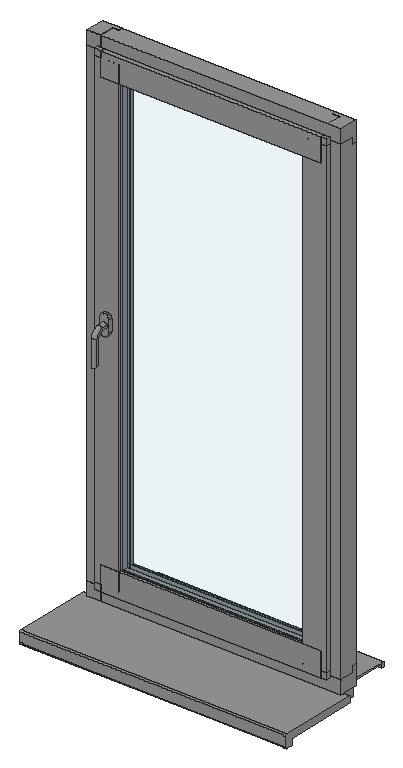
Revit family "deceuninck_okonniy_blok_odnostvorchatiy", category Окна, Revit 2016
Family settings
  Основа = Стена
  Номер OmniClass = 23.30.20.00
  Заголовок OmniClass = Windows
  Всегда вертикально = Да
  При загрузке вырезать с полостями = Нет
  Общий = Нет
  Точка расчета площади = Нет
Parameters (values of type "Энвин ЭКО-60")
  Ширина профиля = 60 mm
  Ширина проема [instance] = ADSK_Ширина рамы + Монтажный зазор.Левый + Монтажный зазор.Правый  # 840 mm
  Четверть.Ширина [instance] = 65 mm
  Четверть.Правая [instance] = if(and(Четверть правая.Видимость, Четверть), Четверть.Ширина, 0 mm)  # 65 mm
  Четверть.Левая [instance] = if(and(Четверть левая.Видимость, Четверть), Четверть.Ширина, 0 mm)  # 65 mm
  Четверть.Глубина [instance] = 120 mm
  Четверть.Высота [instance] = 65 mm
  Четверть правая.Видимость [instance] = yes
  Четверть левая.Видимость [instance] = yes
  Четверть.Врхняя [instance] = if(Четверть, Четверть.Высота, 0 mm)  # 65 mm
  Четверть [instance] = yes
  Цвет профиля = ""
  Формула стеклопакета = ""
  Толщина стеклопакета = "32"
  Рама.Окно.Ширина [instance] = 800 mm
  Рама.Окно.Высота [instance] = 1600 mm
  Проем.Окно.Ширина [instance] = 840 mm
  Проем.Окно.Высота [instance] = 1655 mm
  Приточный клапан [instance] = yes
  Класс профиля = "Тип В"
  Стеклопакет.Толщина = 32 mm
  Створка [instance] = stvorka : Поворотная право
  Система фурнитуры [instance] = ""
  Профильная система = "Энвин ЭКО 60"
  Watermarked By = ""
  Rough Width = 0 mm  # constant formula
  Rough Height = 0 mm  # constant formula
  Подоконник.Глубина [instance] = 0 mm
  Подоконник. Видимость [instance] = yes
  Подоконник [instance] = podokonnik : ПВХ 250
  Площаль элемента [instance] = ADSK_Ширина рамы * ADSK_Высота рамы / 1000000 mm  # 1.28 mm
  Отлив.Свес [instance] = 35 mm
  Отлив.Видимость [instance] = yes
  Откосы.Глубина [instance] = 310 mm
  Огнестойкость = "Е-15"
  Наименование = "Окно 1-створчатое Энвин ЭКО-60"
  Монтажный зазор.Спереди [instance] = 10 mm
  Монтажный зазор.Правый [instance] = if(Четверть правая.Видимость, Монтажный зазор.Боковой, 0 mm)  # 20 mm
  Монтажный зазор.Низ [instance] = 10 mm
  Монтажный зазор.Левый [instance] = if(Четверть левая.Видимость, Монтажный зазор.Боковой, 0 mm)  # 20 mm
  Монтажный зазор.Верх [instance] = 20 mm
  Монтажный зазор.Боковой = 20 mm
  Материал-Стеклопакет = none
  Материал-Рама = none
  Материал-Подоконник = ПВХ, белый
  Материал-Отлив = Лист оцинкованый, белый
  Завод-изготовитель [instance] = "ООО Декёнинк Рус, Россия"  # constant formula
  ГОСТ = "ГОСТ 30673-2013"
  Высота створки [instance] = ADSK_Высота рамы - 43 mm * 2  # 1514 mm
  Высота профиля створки = 76 mm
  Высота профиля рамы = 62 mm
  Высота профиля имоста = 82 mm
  Высота проема [instance] = ADSK_Высота рамы + 25 mm + Монтажный зазор.Верх + Монтажный зазор.Низ  # 1655 mm
  Height = 0 mm  # constant formula
  Высота подоконника по умолчанию = 800 mm
  Замыкание стены = По основе
  Width = 0 mm  # constant formula
  Артикул створки/армирование рстворки = "ZE 60D  /  AR1"
  Артикул рамы/армирование рамы = "LE 60D  /  AR1"
  Артикул импоста/армирование импоста = "TE 60D  /  20 x 35"
  Аналитическая конструкция = "<Нет>"
  λ краевой зоны стеклопакета = 0.0600 (m²·K)/W
  Rстеклопакета = 0.7600 (m²·K)/W
  Rпрофиля = 0.6800 (m²·K)/W
  Rпривед [instance] = 1 / (((Ширина профиля / 1000 mm) * (5.4 - 4 * (Ширина профиля / 1000 mm)) / (1.8 * Rпрофиля / Rед)) + ((1.2 - 2 * (Ширина профиля / 1000 mm)) * (1.5 - 2 * (Ширина профиля / 1000 mm)) / (1.8 * Rстеклопакета / Rед)) + (5.4 - 8 * (Ширина профиля / 1000 mm)) * (λ краевой зоны стеклопакета / Rед))  # 0.61064
  Rед = 1.0000 (m²·K)/W
  ADSK_Ширина рамы [instance] = 800 mm
  ADSK_Позиция [instance] = ""
  ADSK_Высота рамы [instance] = 1600 mm
Reference planes
  plane 1 "По центру (Вперед/Назад)": y = 0
  plane 2 "По центру (Влево/Вправо)": x = 0
  plane 3 "Подоконник": z = 800
  plane 4 "Наружный": y = 250
  plane 5 "Внутренние": y = -250
  plane 6: x = -420
  plane 7: x = 420
  plane 8: x = -355
  plane 9: x = 355
  plane 10: y = 130
  plane 11: z = 2400
  plane 12: x = -400
  plane 13: x = 400
  plane 14: z = 775
  plane 15: z = 2420
  plane 16: z = 765
  plane 17: z = 2355
  plane 18: y = 120
  plane 19: y = 60
  plane 20: x = -338
  plane 21: x = 338
  plane 22: z = 2338
  plane 23: z = 862
  plane 24: y = 107
  plane 25: x = 679.372
  plane 26: y = 70
  plane 27: y = 450
Forms (mm)
  Extrusion 1, void
    sketch origin (0, -250, 0) x (1, 0, 0) y (0, 0, 1)
      loop
        line (-420, 2420) -> (-420, 765) -> (420, 765) -> (420, 2420) -> (-420, 2420)
    from 0 to -380
  Extrusion 2, void
    sketch origin (-2200.521, 130, 1000) x (1, 0, 0) y (0, 0, 1)
      loop
        line (1845.521, 1355) -> (1845.521, -235) -> (2555.521, -235) -> (2555.521, 1355) -> (1845.521, 1355)
    from 0 to -320
  Extrusion 3, solid, material <- "Материал-Рама", detail levels fine
    sketch origin (0, 0, 800) x (0, -1, 0) y (-1, 0, 0)
      loop
        line (-120, 400) -> (-120, 338) -> (-107, 338) -> (-107, 358) -> (-60, 358) -> (-60, 400) -> (-120, 400)
      loop
        line (-120, -338) -> (-120, -400) -> (-60, -400) -> (-60, -358) -> (-107, -358) -> (-107, -338) -> (-120, -338)
    from 0 to -1600
  Extrusion 4, solid, material <- "Материал-Рама", detail levels fine
    sketch origin (-750, 0, 0) x (0, -1, 0) y (0, 0, 1)
      loop
        line (-60, 800) -> (-60, 842) -> (-107, 842) -> (-107, 862) -> (-120, 862) -> (-120, 800) -> (-60, 800)
      loop
        line (-60, 2358) -> (-60, 2400) -> (-120, 2400) -> (-120, 2338) -> (-107, 2338) -> (-107, 2358) -> (-60, 2358)
    from -350 to -1150
  Extrusion 5, solid, material <- "Материал-Рама"
    sketch origin (-233.865, 107, 2257) x (0, 0, 1) y (-1, 0, 0)
      loop
        line (-1457, 166.135) -> (-1482, 166.135) -> (-1482, -633.865) -> (-1457, -633.865) -> (-1457, 166.135)
    from 0 to 37
  Extrusion 6, solid, material "Лист оцинкованый, белый" <- "Материал-Отлив", visible <- "Отлив.Видимость", detail levels fine
    sketch origin (355, 531.754, 1000) x (0, 1, 0) y (0, 0, 1)
      loop
        line (-424.754, -225) -> (-251.754, -225) -> (-251.754, -235) -> (-246.754, -235) -> (-246.754, -220) -> (-424.754, -215) -> (-424.754, -225)
    from 0 to -710
  Extrusion 7, solid, detail levels medium
    sketch origin (0, 0, 800) x (0, -1, 0) y (-1, 0, 0)
      loop
        line (-120, 400) -> (-120, 338) -> (-60, 338) -> (-60, 400) -> (-120, 400)
      loop
        line (-120, -400) -> (-60, -400) -> (-60, -338) -> (-120, -338) -> (-120, -400)
    from 0 to -1600
  Extrusion 8, solid, detail levels medium
    sketch origin (-750, 0, 0) x (0, -1, 0) y (0, 0, 1)
      loop
        line (-120, 2400) -> (-120, 2338) -> (-60, 2338) -> (-60, 2400) -> (-120, 2400)
      loop
        line (-60, 800) -> (-60, 862) -> (-120, 862) -> (-120, 800) -> (-60, 800)
    from -1150 to -350
  Extrusion 9, solid, detail levels coarse
    sketch origin (0, 0, 800) x (0, -1, 0) y (-1, 0, 0)
      loop
        line (-120, 400) -> (-120, 289) -> (-47, 289) -> (-47, 400) -> (-120, 400)
      loop
        line (-120, -400) -> (-47, -400) -> (-47, -290) -> (-120, -290) -> (-120, -400)
    from 0 to -1600
  Extrusion 10, solid, detail levels coarse
    sketch origin (-750, 0, 0) x (0, -1, 0) y (0, 0, 1)
      loop
        line (-120, 2289) -> (-47, 2289) -> (-47, 2400) -> (-120, 2400) -> (-120, 2289)
      loop
        line (-47, 800) -> (-47, 911) -> (-120, 911) -> (-120, 800) -> (-47, 800)
    from -1150 to -350
Lines and regions (mm)
  symbolic lines, style "Windows"
    curve 1: line (-400, 130, 0) -> (400, 130, 0)
Text (mm)
  text "Наружный" at (0, 923.751, 2943.296), in view "Справа"
  text "Наружный" at (0, 1040.484, 2685.409), in view "Слева"
Dimensions and locks
  "Высота подоконника по умолчанию": plane 3 "Подоконник" to level
  locked: plane 4 "Наружный" to host wall at 0
  locked: plane 5 "Внутренние" to host wall
  "Четверть.Глубина": plane 10 to plane 4 "Наружный"
  "ADSK_Высота рамы": plane 11 to plane 3 "Подоконник"
  "Монтажный зазор.Верх": plane 15 to plane 11
  locked: plane 3 "Подоконник" to plane 14 at 25
  "Монтажный зазор.Низ": plane 14 to plane 16
  "Четверть.Врхняя": plane 15 to plane 17
  equal spacing: plane 13, plane 2 "По центру (Влево/Вправо)", plane 12
  "ADSK_Ширина рамы": plane 13 to plane 12
  "Четверть.Левая": plane 8 to plane 6
  "Четверть.Правая": plane 7 to plane 9
  "Монтажный зазор.Левый": plane 12 to plane 6
  "Монтажный зазор.Правый": plane 13 to plane 7
  "Монтажный зазор.Спереди": plane 10 to plane 18
  "Ширина профиля": plane 18 to plane 19
  "Высота профиля рамы": plane 12 to plane 20
  locked: Extrusion 3 sketch curve to Extrusion 3 sketch curve at 13  (x2)
  locked: Extrusion 3 sketch curve to Extrusion 3 sketch curve at 20  (x2)
  "Высота профиля рамы": plane 21 to plane 13
  "Высота профиля рамы": plane 11 to plane 22
  "Высота профиля рамы": plane 3 "Подоконник" to plane 23
  locked: Extrusion 4 sketch curve to Extrusion 4 sketch curve at 13  (x2)
  locked: Extrusion 4 sketch curve to Extrusion 4 sketch curve at 20  (x2)
  locked: plane 18 to plane 24 at 13
  locked: plane 26 to plane 19 at 10
  locked: Extrusion 6 sketch curve to Extrusion 6 sketch curve at 5  (x2)
  locked: Extrusion 6 sketch curve to Extrusion 6 sketch curve at 10
  "Отлив.Свес": Extrusion 6 to plane 4 "Наружный"
  locked: plane 4 "Наружный" to plane 27 at 200
  "Откосы.Глубина": plane 19 to plane 5 "Внутренние"
  "Проем.Окно.Высота": plane 15 to plane 16
  "Рама.Окно.Высота": plane 11 to plane 3 "Подоконник"
  "Проем.Окно.Ширина": plane 7 to plane 6
  "Рама.Окно.Ширина": plane 13 to plane 12
  aligned and locked: Extrusion 1 sketch curve to plane 15
  aligned and locked: Extrusion 1 sketch curve to plane 6
  aligned and locked: Extrusion 1 sketch curve to plane 7
  aligned and locked: Extrusion 1 sketch curve to plane 16
  aligned and locked: plane 10 to Extrusion 1
  aligned and locked: Extrusion 2 sketch curve to plane 17
  aligned and locked: Extrusion 2 sketch curve to plane 8
  aligned and locked: Extrusion 2 sketch curve to plane 9
  aligned and locked: Extrusion 2 sketch curve to plane 16
  aligned and locked: Extrusion 3 sketch curve to plane 18
  aligned and locked: Extrusion 3 sketch curve to plane 19
  aligned and locked: Extrusion 3 sketch curve to plane 20
  aligned and locked: Extrusion 3 sketch curve to plane 12
  aligned and locked: plane 18 to Extrusion 3 sketch curve
  aligned and locked: plane 19 to Extrusion 3 sketch curve
  aligned and locked: Extrusion 3 sketch curve to plane 13
  aligned and locked: Extrusion 3 sketch curve to plane 21
  aligned and locked: plane 11 to Extrusion 3
  aligned and locked: Extrusion 4 sketch curve to plane 19  (x2)
  aligned and locked: Extrusion 4 sketch curve to plane 18  (x2)
  aligned and locked: Extrusion 4 sketch curve to plane 23
  aligned and locked: Extrusion 4 sketch curve to plane 3 "Подоконник"
  aligned and locked: Extrusion 4 sketch curve to plane 22
  aligned and locked: Extrusion 4 sketch curve to plane 11
  aligned and locked: Extrusion 4 to plane 13
  aligned and locked: Extrusion 4 to plane 12
  aligned and locked: plane 24 to nested 1
  aligned and locked: nested 1 to Extrusion 4
  aligned and locked: nested 1 to Extrusion 3  (x2)
  aligned and locked: Extrusion 5 sketch curve to plane 12
  aligned and locked: Extrusion 5 sketch curve to plane 3 "Подоконник"
  aligned and locked: Extrusion 5 sketch curve to plane 14
  aligned and locked: plane 13 to Extrusion 5 sketch curve
  aligned and locked: plane 26 to Extrusion 5
  aligned and locked: nested 2 to plane 3 "Подоконник"
  aligned and locked: plane 26 to nested 2
  aligned and locked: nested 2 to plane 2 "По центру (Влево/Вправо)"
  aligned and locked: plane 14 to Extrusion 6 sketch curve
  aligned and locked: Extrusion 6 to plane 8
  aligned and locked: plane 24 to Extrusion 6 sketch curve
  aligned and locked: plane 27 to Extrusion 2
  aligned and locked: curve 1 to plane 10
  aligned and locked: plane 11 to Extrusion 7
  aligned and locked: Extrusion 8 sketch curve to plane 11
  aligned and locked: Extrusion 8 sketch curve to plane 22
  aligned and locked: Extrusion 8 sketch curve to plane 19  (x2)
  aligned and locked: Extrusion 8 sketch curve to plane 18  (x2)
  aligned and locked: Extrusion 8 sketch curve to plane 3 "Подоконник"
  aligned and locked: Extrusion 8 sketch curve to plane 23
  aligned and locked: Extrusion 8 to plane 13
  aligned and locked: Extrusion 7 sketch curve to plane 20
  aligned and locked: Extrusion 7 sketch curve to plane 19  (x2)
  aligned and locked: Extrusion 7 sketch curve to plane 12
  aligned and locked: plane 13 to Extrusion 7 sketch curve
  aligned and locked: plane 21 to Extrusion 7 sketch curve
  aligned and locked: Extrusion 9 sketch curve to plane 12
  aligned and locked: Extrusion 9 sketch curve to plane 18  (x2)
  aligned and locked: plane 13 to Extrusion 9 sketch curve
  aligned and locked: Extrusion 9 sketch curve to nested 1  (x2)
  aligned and locked: plane 11 to Extrusion 9
  aligned and locked: Extrusion 10 sketch curve to plane 18
  aligned and locked: Extrusion 9 to Extrusion 10 sketch curve  (x2)
  aligned and locked: Extrusion 10 sketch curve to plane 11
  aligned and locked: Extrusion 10 sketch curve to plane 3 "Подоконник"
  aligned and locked: Extrusion 10 sketch curve to Extrusion 9
  aligned and locked: Extrusion 10 to plane 13
  aligned and locked: Extrusion 7 sketch curve to plane 18  (x2)
  aligned and locked: Extrusion 10 to plane 12
  aligned and locked: Extrusion 8 to plane 12
Automatic sketch dimensions
  host wall to Extrusion 6 sketch curve = 30 mm
  Extrusion 6 sketch curve to Extrusion 6 sketch curve = 10 mm
  curve 1 to plane 12 = 0 mm
  curve 1 to plane 13 = 0 mm
  Extrusion 9 sketch curve to plane 19 = 13 mm
  plane 20 to Extrusion 9 sketch curve = 49 mm
  plane 23 to Extrusion 10 sketch curve = 49 mm
  plane 22 to Extrusion 10 sketch curve = 49 mm
Nested families
  nested 1: "stvorka" at (0, 107, 844), Профиль.Ширина <- "Ширина профиля", Створка.Высота <- "Высота створки", type <- "Створка", Стеклопакет.Толщина <- "Стеклопакет.Толщина", Профиль.Высота <- "Высота профиля створки", type "Поворотная право"
    with Стеклопакет.Толщина 32 mm, Створка.Ширина 716 mm, Створка.Высота 1514 mm, Ручка.Расстояние от низа створки 757 mm, Профиль.Ширина 60 mm, Профиль.Высота 76 mm, Материал.Профиль none
  nested 2: "podokonnik" at (0, 70, 800), Материал-Подоконник <- "Материал-Подоконник", Длина подоконника <- "Ширина проема", type <- "Подоконник", visible <- "Подоконник. Видимость", type "ПВХ 250", detail levels fine
    with Материал-Подоконник ПВХ, белый, Длина подоконника 840 mm
Definition of nested family "stvorka"
  Parameters (values of type "Поворотно-откидная лево")
    Стеклопакет.Толщина [instance] = 32 mm
    Створка.Ширина [instance] = 700 mm
    Створка.Открытие = not(Створка.Глухая)  # yes
    Створка.Высота [instance] = 1400 mm
    Ручка.Расстояние от низа створки [instance] = Створка.Высота / 2  # 700 mm
    Ручка справа = yes
    Ручка снизу = no
    Ручка слева = no
    Ручка сверху. = no
    Профиль.Ширина [instance] = 58 mm
    Профиль.Высота [instance] = 77 mm
    Открывание правое = no
    Открывание низ = no
    Открывание левое = yes
    Открывание верх = yes
    Створка.Глухая = no
    Материал.Стеклопакет = none
    Материал.Профиль [instance] = none
    Watermarked By = ""
    Type Comments = "﻿﻿                             ​                ​ ​       ​    ​                    ﻿  ​       ​    ﻿                ​     ​   ​ ﻿ ﻿     ﻿ ﻿﻿  ﻿ ﻿   ​ ﻿   ﻿ ﻿ ﻿﻿    ​      ﻿﻿"
    Keynote = "﻿﻿                             ​                ​ ​       ​    ​                    ﻿  ​       ​    ﻿                ​     ​   ​ ﻿ ﻿     ﻿ ﻿﻿  ﻿ ﻿   ​ ﻿   ﻿ ﻿ ﻿﻿    ​      ﻿﻿"
    Description = "﻿﻿                             ​                ​ ​       ​    ​                    ﻿  ​       ​    ﻿                ​     ​   ​ ﻿ ﻿     ﻿ ﻿﻿  ﻿ ﻿   ​ ﻿   ﻿ ﻿ ﻿﻿    ​      ﻿﻿"
    Assembly Code = "﻿﻿                             ​                ​ ​       ​    ​                    ﻿  ​       ​    ﻿                ​     ​   ​ ﻿ ﻿     ﻿ ﻿﻿  ﻿ ﻿   ​ ﻿   ﻿ ﻿ ﻿﻿    ​      ﻿﻿"
    Analytic Construction = "<Нет>"
  Types (5, lengths in mm): name | Створка.Ширина | Створка.Открытие | Створка.Высота | Ручка.Расстояние от низа створки | Ручка справа | Ручка слева | Открывание правое | Открывание левое | Открывание верх | Створка.Глухая
    Глухая | 600 | no | 1500 | 750 | no | no | no | no | no | yes
    Поворотная право | 600 | yes | 1500 | 750 | no | yes | yes | no | no | no
    Поворотная лево | 600 | yes | 1500 | 750 | yes | no | no | yes | no | no
    Поворотно-откидная право | 600 | yes | 1500 | 750 | no | yes | yes | no | yes | no
    Поворотно-откидная лево | 700 | yes | 1400 | 700 | yes | no | no | yes | yes | no
  Reference planes
    plane 1 "По центру (Вперед/Назад)": y = 0
    plane 2: z = 0
    plane 3 "По центру (Влево/Вправо)": x = 0
    plane 4: x = -338
    plane 5: x = 338
    plane 6: y = -58
    plane 7: z = 1400
    plane 8: y = -16
    plane 9: y = -48
    plane 10: y = -51
    plane 11: x = -350
    plane 12: x = 350
    plane 13: z = 12
    plane 14: z = -8
    plane 15: z = 1408
    plane 16: z = 1388
    plane 17: z = 700
    plane 18: x = -358
    plane 19: x = -281
    plane 20: x = 358
    plane 21: x = 281
    plane 22: z = 1331
    plane 23: z = 69
    plane 24: z = 700
  Forms (mm)
    Extrusion 1, solid, material <- "Материал.Профиль", visible <- "Створка.Открытие", detail levels fine
      sketch origin (0, 0, 0) x (1, 0, 0) y (0, 1, 0)
        loop
          line (-338, 0) -> (-338, -45) -> (-358, -45) -> (-358, -58) -> (-281, -58) -> (-281, -51) -> (-301, -51) -> (-301, -13) -> (-281, -13) -> (-284, 0) -> (-338, 0)
        loop
          line (338, 0) -> (284, 0) -> (281, -13) -> (301, -13) -> (301, -51) -> (281, -51) -> (281, -58) -> (358, -58) -> (358, -45) -> (338, -45) -> (338, 0)
      from 12 to 1388
    Extrusion 2, solid, visible <- "Створка.Открытие", detail levels fine
      sketch origin (0, 0, 0) x (1, 0, 0) y (0, 1, 0)
        loop
          line (-301, -13) -> (-301, -51) -> (-281, -51) -> (-281, -48) -> (-291, -48) -> (-291, -16) -> (-281, -16) -> (-281, -13) -> (-301, -13)
        loop
          line (301, -13) -> (281, -13) -> (281, -16) -> (291, -16) -> (291, -48) -> (281, -48) -> (281, -51) -> (301, -51) -> (301, -13)
      from 49 to 1351
    Extrusion 3, solid, material <- "Материал.Профиль", visible <- "Створка.Открытие", detail levels fine
      sketch origin (0, 0, 12) x (0, 1, 0) y (0, 0, 1)
        loop
          line (-58, 57) -> (-58, -20) -> (-45, -20) -> (-45, 0) -> (0, 0) -> (0, 54) -> (-13, 57) -> (-13, 37) -> (-51, 37) -> (-51, 57) -> (-58, 57)
        loop
          line (-58, 1319) -> (-51, 1319) -> (-51, 1339) -> (-13, 1339) -> (-13, 1319) -> (0, 1322) -> (0, 1376) -> (-45, 1376) -> (-45, 1396) -> (-58, 1396) -> (-58, 1319)
      from -338 to 338
    Extrusion 4, solid, visible <- "Створка.Открытие", detail levels fine
      sketch origin (0, 0, 0) x (0, 1, 0) y (0, 0, 1)
        loop
          line (-16, 69) -> (-16, 59) -> (-48, 59) -> (-48, 69) -> (-51, 69) -> (-51, 49) -> (-13, 49) -> (-13, 69) -> (-16, 69)
        loop
          line (-51, 1351) -> (-51, 1331) -> (-48, 1331) -> (-48, 1341) -> (-16, 1341) -> (-16, 1331) -> (-13, 1331) -> (-13, 1351) -> (-51, 1351)
      from -301 to 301
    Extrusion 5, solid, material <- "Материал.Профиль", visible <- "Створка.Открытие", detail levels fine
      sketch origin (-963, -48, 1200) x (-1, 0, 0) y (0, 0, 1)
        loop
          line (-605, 208) -> (-625, 208) -> (-625, 188) -> (-605, 188) -> (-605, 208)
        loop
          line (-1301, 208) -> (-1321, 208) -> (-1321, 188) -> (-1301, 188) -> (-1301, 208)
        loop
          line (-625, -1188) -> (-625, -1208) -> (-605, -1208) -> (-605, -1188) -> (-625, -1188)
        loop
          line (-1321, -1188) -> (-1321, -1208) -> (-1301, -1208) -> (-1301, -1188) -> (-1321, -1188)
      from 3 to -10
    Extrusion 6, solid, material <- "Материал.Стеклопакет", visible <- "Створка.Открытие"
      sketch origin (0, -16, 59) x (0, -1, 0) y (1, 0, 0)
        loop
          line (0, 291) -> (0, -291) -> (32, -291) -> (32, 291) -> (0, 291)
      from 0 to 1282
    Extrusion 7, solid, material <- "Материал.Профиль", visible <- "Створка.Открытие", detail levels medium
      sketch origin (0, 0, 0) x (1, 0, 0) y (0, 1, 0)
        loop
          line (-281, 0) -> (-358, 0) -> (-358, -58) -> (-281, -58) -> (-281, 0)
        loop
          line (358, 0) -> (281, 0) -> (281, -58) -> (358, -58) -> (358, 0)
      from 12 to 1388
    Extrusion 8, solid, material <- "Материал.Профиль", visible <- "Створка.Открытие", detail levels medium
      sketch origin (0, 0, 0) x (0, 1, 0) y (0, 0, 1)
        loop
          line (0, 1408) -> (-58, 1408) -> (-58, 1331) -> (0, 1331) -> (0, 1408)
        loop
          line (0, 69) -> (-58, 69) -> (-58, -8) -> (0, -8) -> (0, 69)
      from -358 to 358
    Extrusion 9, solid, material <- "Материал.Профиль", visible <- "Створка.Глухая", detail levels fine
      sketch origin (0, 0, 0) x (0, 1, 0) y (0, 0, 1)
        loop
          line (-45, 1400) -> (-45, 1383) -> (-38, 1380) -> (-38, 1400) -> (-45, 1400)
        loop
          line (-45, 0) -> (-38, 0) -> (-38, 20) -> (-45, 17) -> (-45, 0)
      from -350 to 350
    Extrusion 10, solid, visible <- "Створка.Глухая", detail levels fine
      sketch origin (0, 0, 0) x (0, 1, 0) y (0, 0, 1)
        loop
          line (0, 1400) -> (-38, 1400) -> (-38, 1380) -> (-35, 1380) -> (-35, 1390) -> (-3, 1390) -> (-3, 1380) -> (0, 1380) -> (0, 1400)
        loop
          line (0, 0) -> (0, 20) -> (-3, 20) -> (-3, 10) -> (-35, 10) -> (-35, 20) -> (-38, 20) -> (-38, 0) -> (0, 0)
      from -350 to 350
    Extrusion 11, solid, visible <- "Створка.Глухая", detail levels fine
      sketch origin (0, 0, 0) x (1, 0, 0) y (0, 1, 0)
        loop
          line (-350, 0) -> (-350, -38) -> (-330, -38) -> (-330, -35) -> (-340, -35) -> (-340, -3) -> (-330, -3) -> (-330, 0) -> (-350, 0)
        loop
          line (350, 0) -> (330, 0) -> (330, -3) -> (340, -3) -> (340, -35) -> (330, -35) -> (330, -38) -> (350, -38) -> (350, 0)
      from 0 to 1400
    Extrusion 12, solid, material <- "Материал.Профиль", visible <- "Створка.Глухая", detail levels fine
      sketch origin (0, 0, 0) x (1, 0, 0) y (0, 1, 0)
        loop
          line (-350, -38) -> (-350, -45) -> (-333, -45) -> (-330, -38) -> (-350, -38)
        loop
          line (350, -38) -> (330, -38) -> (333, -45) -> (350, -45) -> (350, -38)
      from 0 to 1400
    Extrusion 13, solid, material <- "Материал.Стеклопакет", visible <- "Створка.Глухая"
      sketch origin (0, 0, 0) x (1, 0, 0) y (0, 1, 0)
        loop
          line (-340, -3) -> (-340, -35) -> (340, -35) -> (340, -3) -> (-340, -3)
      from 10 to 1390
    Extrusion 14, solid, material <- "Материал.Профиль", visible <- "Створка.Глухая", detail levels medium
      sketch origin (0, 0, 0) x (1, 0, 0) y (0, 1, 0)
        loop
          line (-330, 0) -> (-350, 0) -> (-350, -45) -> (-330, -45) -> (-330, 0)
        loop
          line (350, 0) -> (330, 0) -> (330, -45) -> (350, -45) -> (350, 0)
      from 0 to 1400
    Extrusion 15, solid, material <- "Материал.Профиль", visible <- "Створка.Глухая", detail levels medium
      sketch origin (-350, 682.027, 1200) x (0, 1, 0) y (0, 0, 1)
        loop
          line (-682.027, 180) -> (-682.027, 200) -> (-727.027, 200) -> (-727.027, 180) -> (-682.027, 180)
        loop
          line (-682.027, -1200) -> (-682.027, -1180) -> (-727.027, -1180) -> (-727.027, -1200) -> (-682.027, -1200)
      from 0 to 700
  Lines and regions (mm)
    symbolic lines, visible <- "Открывание правое"
      curve 1: line (281, 0, 1331) -> (-281, 0, 700)
      curve 2: line (-281, 0, 700) -> (281, 0, 69)
    symbolic lines, visible <- "Открывание левое"
      curve 3: line (-281, 0, 1331) -> (281, 0, 700)
      curve 4: line (281, 0, 700) -> (-281, 0, 69)
    symbolic lines, visible <- "Открывание верх"
      curve 5: line (-281, 0, 69) -> (0, 0, 1331)
      curve 6: line (0, 0, 1331) -> (281, 0, 69)
    symbolic lines, visible <- "Открывание низ"
      curve 7: line (-281, 0, 1331) -> (0, 0, 69)
      curve 8: line (0, 0, 69) -> (281, 0, 1331)
    symbolic lines, visible <- "Створка.Глухая"
      curve 9: line (0, 0, 650) -> (0, 0, 750)
      curve 10: line (-50, 0, 700) -> (50, 0, 700)
  Dimensions and locks
    locked: Extrusion 1 sketch curve to Extrusion 1 sketch curve at 13  (x2)
    "Профиль.Ширина": plane 1 "По центру (Вперед/Назад)" to plane 6
    "Стеклопакет.Толщина": plane 8 to plane 9
    locked: plane 8 to plane 1 "По центру (Вперед/Назад)" at 16
    locked: Extrusion 1 to Extrusion 2 sketch curve at 10
    locked: Extrusion 2 sketch curve to Extrusion 1 at 10
    locked: plane 9 to plane 10 at 3
    locked: Extrusion 3 sketch curve to Extrusion 3 sketch curve at 13  (x2)
    locked: Extrusion 4 sketch curve to Extrusion 3 at 10  (x2)
    "Створка.Высота": plane 7 to plane 2
    locked: plane 4 to plane 11 at 12
    locked: plane 12 to plane 5 at 12
    equal spacing: plane 12, plane 3 "По центру (Влево/Вправо)", plane 11
    "Створка.Ширина": plane 12 to plane 11
    locked: plane 15 to plane 7 at 8
    locked: plane 7 to plane 16 at 12
    locked: plane 2 to plane 14 at 8
    locked: plane 13 to plane 2 at 12
    "Профиль.Высота": plane 18 to plane 19
    "Профиль.Высота": plane 21 to plane 20
    locked: plane 21 to Extrusion 2 at 20
    "Профиль.Высота": plane 22 to plane 15
    locked: plane 11 to plane 18 at 8
    locked: plane 20 to plane 12 at 8
    locked: Extrusion 2 to plane 19 at 20
    "Профиль.Высота": plane 23 to plane 14
    "Ручка.Расстояние от низа створки": plane 17 to plane 2
    locked: nested 3 to plane 13 at 18.5
    locked: nested 4 to plane 16 at 18.5
    locked: nested 1 to plane 4 at 18.5
    locked: plane 5 to nested 2 at 18.5
    equal spacing: plane 7, plane 24, plane 2
    locked: Extrusion 10 sketch curve to Extrusion 10 sketch curve at 20  (x2)
    locked: plane 1 "По центру (Вперед/Назад)" to Extrusion 10 sketch curve at 3  (x2)
    "Стеклопакет.Толщина": Extrusion 10 sketch curve to Extrusion 10 sketch curve  (x2)
    locked: plane 11 to Extrusion 11 sketch curve at 10
    locked: Extrusion 11 sketch curve to Extrusion 11 sketch curve at 3  (x2)
    locked: Extrusion 11 sketch curve to plane 1 "По центру (Вперед/Назад)" at 3
    "Стеклопакет.Толщина": Extrusion 11 sketch curve to Extrusion 11 sketch curve  (x2)
    locked: Extrusion 11 sketch curve to plane 12 at 10
    locked: Extrusion 1 to Extrusion 11 sketch curve at 3
    locked: Extrusion 14 to Extrusion 15 sketch curve at 20  (x2)
    locked: Extrusion 11 to Extrusion 14 sketch curve at 20
    locked: Extrusion 14 sketch curve to Extrusion 14 sketch curve at 20
    curve 9 to plane 24 to curve 9 = 50 mm locked, 50 mm locked
    curve 10 to plane 3 "По центру (Влево/Вправо)" to curve 10 = 50 mm locked, 50 mm locked
    locked: Extrusion 7 to Extrusion 1 sketch curve at 13  (x2)
    locked: Extrusion 3 sketch curve to Extrusion 8 at 13  (x2)
    locked: Extrusion 4 to plane 23 at 20
    locked: Extrusion 4 to plane 22 at 20
    locked: Extrusion 14 to Extrusion 13 at 10
    locked: Extrusion 10 sketch curve to Extrusion 13 at 10
    aligned and locked: level to plane 2
    aligned and locked: Extrusion 1 sketch curve to plane 4
    aligned and locked: plane 6 to Extrusion 1 sketch curve
    aligned and locked: plane 1 "По центру (Вперед/Назад)" to Extrusion 1 sketch curve
    aligned and locked: plane 10 to Extrusion 1 sketch curve
    aligned and locked: Extrusion 2 sketch curve to Extrusion 1  (x9)
    aligned and locked: Extrusion 2 sketch curve to plane 9
    aligned and locked: Extrusion 2 sketch curve to plane 8
    aligned and locked: Extrusion 1 sketch curve to plane 5
    aligned and locked: Extrusion 1 sketch curve to plane 6
    aligned and locked: Extrusion 1 sketch curve to plane 1 "По центру (Вперед/Назад)"
    aligned and locked: Extrusion 1 to Extrusion 2 sketch curve
    aligned and locked: plane 6 to Extrusion 3 sketch curve
    aligned and locked: plane 1 "По центру (Вперед/Назад)" to Extrusion 3 sketch curve
    aligned and locked: plane 10 to Extrusion 3 sketch curve
    aligned and locked: plane 13 to Extrusion 3
    aligned and locked: plane 8 to Extrusion 4 sketch curve  (x2)
    aligned and locked: plane 9 to Extrusion 4 sketch curve
    aligned and locked: Extrusion 4 sketch curve to Extrusion 3  (x8)
    aligned and locked: Extrusion 3 to Extrusion 4 sketch curve  (x2)
    aligned and locked: plane 5 to Extrusion 3
    aligned and locked: plane 14 to Extrusion 3
    aligned and locked: Extrusion 3 to plane 4
    aligned and locked: Extrusion 4 to Extrusion 1  (x2)
    aligned and locked: Extrusion 2 to Extrusion 4
    aligned and locked: Extrusion 3 sketch curve to plane 6
    aligned and locked: Extrusion 3 sketch curve to plane 1 "По центру (Вперед/Назад)"
    aligned and locked: plane 15 to Extrusion 3 sketch curve
    aligned and locked: Extrusion 2 to Extrusion 4 sketch curve
    aligned and locked: Extrusion 1 to Extrusion 3  (x2)
    aligned and locked: Extrusion 5 sketch curve to plane 15
    aligned and locked: Extrusion 5 sketch curve to plane 16
    aligned and locked: Extrusion 5 sketch curve to plane 4
    aligned and locked: Extrusion 5 to plane 6
    aligned and locked: Extrusion 2 to Extrusion 3
    aligned and locked: plane 5 to Extrusion 5 sketch curve  (x2)
    aligned and locked: plane 16 to Extrusion 5 sketch curve
    aligned and locked: plane 15 to Extrusion 5 sketch curve
    aligned and locked: plane 18 to Extrusion 1 sketch curve
    aligned and locked: Extrusion 1 sketch curve to plane 19
    aligned and locked: plane 21 to Extrusion 1 sketch curve
    aligned and locked: Extrusion 1 sketch curve to plane 20
    aligned and locked: Extrusion 3 sketch curve to plane 14
    aligned and locked: plane 13 to Extrusion 3 sketch curve
    aligned and locked: Extrusion 3 sketch curve to plane 23
    aligned and locked: plane 22 to Extrusion 3 sketch curve
    aligned and locked: Extrusion 3 sketch curve to plane 16
    aligned and locked: Extrusion 6 sketch curve to plane 8
    aligned and locked: Extrusion 6 sketch curve to plane 9
    aligned and locked: Extrusion 6 sketch curve to Extrusion 2  (x2)
    aligned and locked: Extrusion 6 to Extrusion 4
    aligned and locked: plane 4 to Extrusion 5 sketch curve
    aligned and locked: plane 18 to Extrusion 5 sketch curve
    aligned and locked: plane 13 to Extrusion 5 sketch curve  (x2)
    aligned and locked: plane 14 to Extrusion 5 sketch curve  (x2)
    aligned and locked: Extrusion 5 sketch curve to plane 20
    aligned and locked: Extrusion 7 sketch curve to plane 1 "По центру (Вперед/Назад)"  (x2)
    aligned and locked: Extrusion 7 sketch curve to plane 6  (x2)
    aligned and locked: Extrusion 7 sketch curve to plane 18
    aligned and locked: Extrusion 7 sketch curve to plane 19
    aligned and locked: plane 20 to Extrusion 7 sketch curve
    aligned and locked: plane 21 to Extrusion 7 sketch curve
    aligned and locked: Extrusion 7 to Extrusion 1
    aligned and locked: Extrusion 1 to plane 16
    aligned and locked: Extrusion 7 to Extrusion 3
    aligned and locked: plane 1 "По центру (Вперед/Назад)" to Extrusion 8 sketch curve  (x2)
    aligned and locked: plane 6 to Extrusion 8 sketch curve  (x2)
    aligned and locked: plane 15 to Extrusion 8 sketch curve
    aligned and locked: plane 22 to Extrusion 8 sketch curve
    aligned and locked: Extrusion 8 sketch curve to plane 23
    aligned and locked: plane 14 to Extrusion 8 sketch curve
    aligned and locked: Extrusion 8 to Extrusion 1  (x2)
    aligned and locked: plane 3 "По центру (Влево/Вправо)" to nested 3
    aligned and locked: plane 3 "По центру (Влево/Вправо)" to nested 4
    aligned and locked: nested 1 to plane 17
    aligned and locked: nested 2 to plane 17
    aligned and locked: Extrusion 9 sketch curve to plane 7
    aligned and locked: Extrusion 10 sketch curve to plane 7
    aligned and locked: plane 1 "По центру (Вперед/Назад)" to Extrusion 10 sketch curve
    aligned and locked: Extrusion 10 sketch curve to Extrusion 10 sketch curve  (x2)
    aligned and locked: Extrusion 10 sketch curve to plane 1 "По центру (Вперед/Назад)"
    aligned and locked: Extrusion 9 sketch curve to plane 2
    aligned and locked: Extrusion 9 sketch curve to Extrusion 10
    aligned and locked: Extrusion 9 to plane 11
    aligned and locked: Extrusion 10 to plane 11
    aligned and locked: plane 12 to Extrusion 10
    aligned and locked: plane 12 to Extrusion 9
    aligned and locked: Extrusion 11 sketch curve to plane 11
    aligned and locked: Extrusion 11 sketch curve to plane 12
    aligned and locked: plane 1 "По центру (Вперед/Назад)" to Extrusion 11 sketch curve
    aligned and locked: Extrusion 12 sketch curve to Extrusion 11
    aligned and locked: Extrusion 12 sketch curve to plane 11
    aligned and locked: Extrusion 12 sketch curve to Extrusion 9  (x2)
    aligned and locked: Extrusion 10 to Extrusion 12 sketch curve
    aligned and locked: Extrusion 12 sketch curve to plane 12
    aligned and locked: plane 7 to Extrusion 12
    aligned and locked: plane 7 to Extrusion 11
    aligned and locked: Extrusion 13 sketch curve to Extrusion 11  (x4)
    aligned and locked: Extrusion 13 to Extrusion 10  (x2)
    aligned and locked: Extrusion 14 sketch curve to plane 1 "По центру (Вперед/Назад)"  (x2)
    aligned and locked: Extrusion 14 sketch curve to plane 11
    aligned and locked: Extrusion 14 sketch curve to plane 12
    aligned and locked: plane 7 to Extrusion 14
    aligned and locked: Extrusion 15 sketch curve to Extrusion 10
    aligned and locked: plane 7 to Extrusion 15 sketch curve
    aligned and locked: plane 2 to Extrusion 15 sketch curve
    aligned and locked: plane 1 "По центру (Вперед/Назад)" to Extrusion 15 sketch curve
    aligned and locked: curve 10 to plane 24
    aligned and locked: Extrusion 14 sketch curve to Extrusion 12  (x2)
    aligned and locked: Extrusion 5 to Extrusion 1
    aligned and locked: plane 12 to Extrusion 15
    aligned and locked: Extrusion 9 to Extrusion 1  (x2)
    aligned and locked: Extrusion 15 sketch curve to Extrusion 1  (x2)
  Automatic sketch dimensions
    curve 4 to plane 19 = 0 mm
    curve 1 to plane 17 = 0 mm
    curve 1 to plane 19 = 0 mm
    curve 3 to plane 19 = 0 mm
    curve 6 to plane 3 "По центру (Влево/Вправо)" = 0 mm
    curve 9 to plane 3 "По центру (Влево/Вправо)" = 0 mm
    curve 8 to plane 3 "По центру (Влево/Вправо)" = 0 mm
    plane 21 to curve 8 = 0 mm
    curve 4 to plane 17 = 0 mm
    plane 21 to curve 4 = 0 mm
    plane 21 to curve 2 = 0 mm
    curve 7 to plane 23 = 0 mm
    curve 5 to plane 23 = 0 mm
    curve 2 to plane 23 = 0 mm
    curve 8 to plane 22 = 0 mm
    curve 3 to plane 22 = 0 mm
    curve 6 to plane 22 = 0 mm
    Extrusion 1 sketch curve to plane 19 = 0 mm
    Extrusion 1 sketch curve to plane 21 = 0 mm
    plane 10 to Extrusion 1 sketch curve = 0 mm
    Extrusion 1 sketch curve to Extrusion 1 sketch curve = 20 mm  (x2)
    Extrusion 1 sketch curve to plane 19 = 3 mm
    Extrusion 1 sketch curve to plane 21 = 3 mm
    Extrusion 2 sketch curve to plane 9 = 0 mm
    plane 8 to Extrusion 2 sketch curve = 0 mm
    Extrusion 3 sketch curve to plane 10 = 0 mm
    Extrusion 3 sketch curve to plane 23 = 0 mm
    plane 22 to Extrusion 3 sketch curve = 0 mm
    Extrusion 3 sketch curve to plane 23 = 3 mm
    Extrusion 3 sketch curve to plane 22 = 3 mm
    plane 20 to Extrusion 5 sketch curve = 0 mm
    Extrusion 5 sketch curve to plane 18 = 0 mm
    plane 9 to Extrusion 9 sketch curve = 10 mm
    plane 13 to Extrusion 9 sketch curve = 5 mm
    plane 13 to Extrusion 9 sketch curve = 8 mm
    plane 16 to Extrusion 9 sketch curve = 8 mm
    plane 16 to Extrusion 9 sketch curve = 5 mm
    plane 4 to Extrusion 12 sketch curve = 5 mm
    plane 4 to Extrusion 12 sketch curve = 8 mm
    Extrusion 12 sketch curve to plane 5 = 8 mm
    Extrusion 12 sketch curve to plane 5 = 5 mm
    plane 9 to Extrusion 9 sketch curve = 3 mm  (x2)
    Extrusion 3 sketch curve to plane 22 = 20 mm
    Extrusion 3 sketch curve to plane 23 = 20 mm
    plane 9 to Extrusion 10 sketch curve = 10 mm
    Extrusion 10 sketch curve to Extrusion 10 sketch curve = 3 mm
    Extrusion 10 sketch curve to plane 13 = 2 mm
    Extrusion 10 sketch curve to plane 16 = 2 mm
    plane 1 "По центру (Вперед/Назад)" to Extrusion 11 sketch curve = 0 mm
    plane 4 to Extrusion 11 sketch curve = 8 mm  (x2)
    Extrusion 11 sketch curve to plane 5 = 8 mm  (x2)
  Nested families
    nested 1: "ruchka" at (-319.5, -58, 700) x (1, 0, 0) z (0, -1, 0), visible <- "Ручка слева", type "ruchka", detail levels fine
    nested 2: "ruchka" at (319.5, -58, 700) x (1, 0, 0) z (0, -1, 0), visible <- "Ручка справа", Маериал.Ручка <- "Материал.Профиль", type "ruchka", detail levels fine
    nested 3: "ruchka" at (0, -58, 30.5) x (0, 0, 1) z (0, -1, 0), visible <- "Ручка снизу", Маериал.Ручка <- "Материал.Профиль", type "ruchka", detail levels fine
    nested 4: "ruchka" at (0, -58, 1369.5) x (0, 0, 1) z (0, -1, 0), visible <- "Ручка сверху.", Маериал.Ручка <- "Материал.Профиль", type "ruchka", detail levels fine
  Definition of nested family "ruchka"
    Parameters (values of type "ruchka")
      Watermarked By = ""
      Type Comments = "﻿﻿﻿                          ​       ​     ​         ﻿ ﻿ ﻿ ﻿     ﻿ ﻿                        ​ ﻿               ​   ​                     ​     ​ ﻿     ​     ﻿       ​      ﻿﻿﻿"
      Keynote = "﻿﻿﻿                          ​       ​     ​         ﻿ ﻿ ﻿ ﻿     ﻿ ﻿                        ​ ﻿               ​   ​                     ​     ​ ﻿     ​     ﻿       ​      ﻿﻿﻿"
      Description = "﻿﻿﻿                          ​       ​     ​         ﻿ ﻿ ﻿ ﻿     ﻿ ﻿                        ​ ﻿               ​   ​                     ​     ​ ﻿     ​     ﻿       ​      ﻿﻿﻿"
      Default Elevation = 1219.2 mm
      Маериал.Ручка [instance] = none
      Assembly Code = "﻿﻿﻿                          ​       ​     ​         ﻿ ﻿ ﻿ ﻿     ﻿ ﻿                        ​ ﻿               ​   ​                     ​     ​ ﻿     ​     ﻿       ​      ﻿﻿﻿"
      Analytic Construction = "<Нет>"
    Reference planes
      plane 1 "По центру (Вперед/Назад)": y = 0
      plane 2: z = 0
      plane 3 "По центру (Влево/Вправо)": x = 0
    Forms (mm)
      Extrusion 1, solid
        sketch origin (0, 0, 0) x (1, 0, 0) y (0, 1, 0)
          loop
            line (-1219.2, 1219.2) -> (-1219.2, -1219.2) -> (1219.2, -1219.2) -> (1219.2, 1219.2) -> (-1219.2, 1219.2)
        from 0 to -304.8
      Extrusion 2, solid, material <- "Маериал.Ручка"
        sketch origin (-1, 0, 0) x (0, -1, 0) y (1, 0, 0)
          loop
            arc (-18, 15) -> (-32, 1) -> (-18, -13) r 14
            line (-18, -13) -> (18, -13)
            arc (18, -13) -> (32, 1) -> (18, 15) r 14
            line (18, 15) -> (-18, 15)
        from 0 to 10
      Sweep 3, solid, material <- "Маериал.Ручка"
        path origin (0, 0, 0) x (0, -1, 0) y (0, 0, 1)
          loop
            line (0, 10) -> (0, 30)
            arc (0, 30) -> (7.903, 42.097) -> (20, 50) r 35.203
            line (20, 50) -> (100, 50)
        profile origin (0, 0, 20) x (0, 1, 0) y (-1, 0, 0)
          loop
            line (0, 7) -> (-7, 7) -> (-7, -7) -> (0, -7)
            arc (0, -7) -> (7, 0) -> (0, 7) r 7
    Dimensions and locks
      aligned and locked: plane 2 to Extrusion 1
      aligned and locked: level to Extrusion 1
Definition of nested family "podokonnik"
  Parameters (values of type "ПВХ 150")
    Материал-Подоконник [instance] = none
    Длина подоконника [instance] = 1500 mm
    Глубина подоконника = 150 mm
    Watermarked By = ""
    Type Comments = "﻿﻿                             ​                ​ ​       ​    ​                    ﻿  ​       ​    ﻿                ​     ​   ​ ﻿ ﻿     ﻿ ﻿﻿  ﻿ ﻿   ​ ﻿   ﻿ ﻿ ﻿﻿    ​      ﻿﻿"
    Keynote = "﻿﻿                             ​                ​ ​       ​    ​                    ﻿  ​       ​    ﻿                ​     ​   ​ ﻿ ﻿     ﻿ ﻿﻿  ﻿ ﻿   ​ ﻿   ﻿ ﻿ ﻿﻿    ​      ﻿﻿"
    Description = "﻿﻿                             ​                ​ ​       ​    ​                    ﻿  ​       ​    ﻿                ​     ​   ​ ﻿ ﻿     ﻿ ﻿﻿  ﻿ ﻿   ​ ﻿   ﻿ ﻿ ﻿﻿    ​      ﻿﻿"
    Assembly Code = "﻿﻿                             ​                ​ ​       ​    ​                    ﻿  ​       ​    ﻿                ​     ​   ​ ﻿ ﻿     ﻿ ﻿﻿  ﻿ ﻿   ​ ﻿   ﻿ ﻿ ﻿﻿    ​      ﻿﻿"
  Types (13, lengths in mm): name | Глубина подоконника
    ПВХ 100 | 100
    ПВХ 150 | 150
    ПВХ 200 | 200
    ПВХ 250 | 250
    ПВХ 300 | 300
    ПВХ 350 | 350
    ПВХ 400 | 400
    ПВХ 450 | 450
    ПВХ 500 | 500
    ПВХ 550 | 550
    ПВХ 600 | 600
    ПВХ 650 | 650
    ПВХ 700 | 700
  Reference planes
    plane 1 "По центру (Вперед/Назад)": y = 0
    plane 2: z = 0
    plane 3 "По центру (Влево/Вправо)": x = 0
    plane 4: y = -150
    plane 5: x = 750
    plane 6: x = -750
  Forms (mm)
    Extrusion 1, solid, material <- "Материал-Подоконник"
      sketch origin (0, 0, 0) x (0, 1, 0) y (0, 0, 1)
        loop
          line (0, 0) -> (-146, 0)
          arc (-146, 0) -> (-148.828, -1.172) -> (-150, -4) r 4
          line (-150, -4) -> (-150, -36)
          arc (-150, -36) -> (-148.828, -38.828) -> (-146, -40) r 4
          line (-146, -40) -> (-130, -40) -> (-130, -20) -> (0, -20) -> (0, 0)
      from -750 to 750
  Dimensions and locks
    "Глубина подоконника": plane 1 "По центру (Вперед/Назад)" to plane 4
    equal spacing: plane 6, plane 3 "По центру (Влево/Вправо)", plane 5
    "Длина подоконника": plane 6 to plane 5
    aligned and locked: level to plane 2
    aligned and locked: plane 2 to Extrusion 1 sketch curve
    aligned and locked: plane 4 to Extrusion 1 sketch curve  (x2)
    aligned and locked: plane 5 to Extrusion 1
    aligned and locked: Extrusion 1 to plane 6
  Automatic sketch dimensions
    Extrusion 1 sketch curve to plane 1 "По центру (Вперед/Назад)" = 0 mm
    Extrusion 1 sketch curve to level = 20 mm
    Extrusion 1 sketch curve to level = 4 mm
    Extrusion 1 sketch curve to Extrusion 1 sketch curve = 16 mm  (x2)
    Extrusion 1 sketch curve to Extrusion 1 sketch curve = 4 mm
